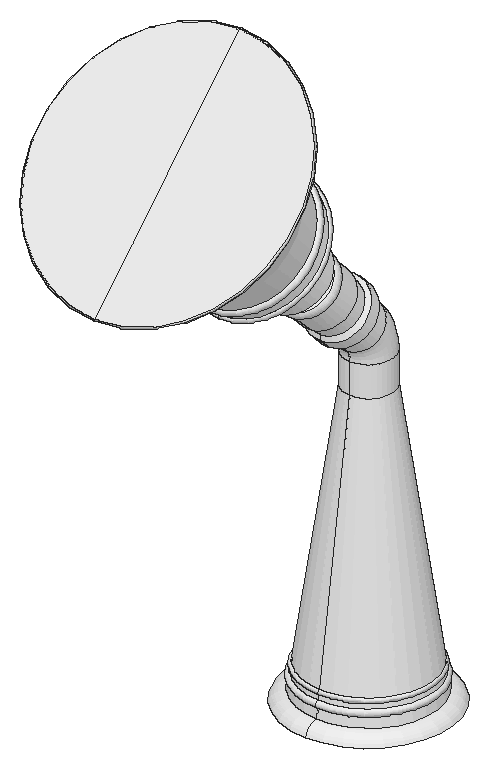
Revit family "Showerhead-DXV-Randall-D35102775_Series", category Plumbing Fixtures, host Face, Revit 2014
Parameters (values of type "D35102775.100")
  Width = 4 1/8"  # constant formula
  Waste Connection = no
  Warranty Documentation Link = "https://www.dxv.com/-/media/files/dxv/warranty/dxv_warranty_booklet.ashx"
  WFU = 4  # constant formula
  Vent Connection = no
  URL = "https://www.dxv.com/"
  Type Comments = ""
  Tempered Water Connection Radius = 1/4"  # constant formula
  Tempered Water Connection Diameter = Tempered Water Connection Radius * 2  # 1/2"
  Product Page URL = "https://www.dxv.com/product/randall-multifunction-showerhead-by-dxv"
  Product Documentation Link = "https://dxv01.blob.core.windows.net/dxv-product-pdf-files/spec_D35102775_DXV_Randall_shwhead_EN.pdf"
  Price = "Prices may vary. Please consult Manufacturer Representative for most up-to-date price list."  # constant formula
  Model = "D35102775.100"
  Material = "Metal-DXV-100-Polished Chrome"
  Manufacturer = "DXV"  # constant formula
  Length = 9 1/4"  # constant formula
  Installation Type = "Wall Mounted"  # constant formula
  Hot Water Connection Radius = 1/4"  # constant formula
  Hot Water Connection Diameter = Hot Water Connection Radius * 2  # 1/2"
  Height = 5 1/4"  # constant formula
  HWFU = 3  # constant formula
  HW Connection = yes
  Flow Rate = "2.0 GPM (7.6L/min)"  # constant formula
  Finish = Metal-DXV-100-Polished Chrome
  Description = "Randall Multifunction Showerhead"  # constant formula
  Default Elevation = 68"  # constant formula
  Creation Date = "17/2/2014"  # constant formula
  Cold Water Connection Radius = 1/4"  # constant formula
  Cold Water Connection Diameter = Cold Water Connection Radius * 2  # 1/2"
  CWFU = 3  # constant formula
  CW Connection = yes
  Assembly Code = "D2010710"
Types (4): name | Model | Material | Finish
  (no name) | "D35102775.100" | "Metal-DXV-100-Polished Chrome" | Metal-DXV-100-Polished Chrome
  D35102775.144 | "D35102775.144" | "Metal-DXV-144-Brushed Nickel" | Metal-DXV-144-Brushed Nickel
  D35102775.100 | "D35102775.100" | "Metal-DXV-100-Polished Chrome" | Metal-DXV-100-Polished Chrome
  D35102775.150 | "D35102775.150" | "Metal-DXV-150-Platinum Nickel" | Metal-DXV-150-Platinum Nickel
Reference planes (in)
  plane 1 "Center (Front/Back)": y = 0
  plane 2: z = 0
  plane 3 "Center (Left/Right)": x = 0
  plane 4: y = -4
  plane 5: z = 9.25
  plane 6: y = -1.25
  plane 7: y = 1.25
  plane 8: through (0, -4, 9.25) normal (0, -0.7071, -0.7071)
  plane 9: through (0, -2.54159, 10.70841) normal (0, -0.7071, -0.7071)
  plane 10: through (0, -5.45841, 7.79159) normal (0, -0.7071, -0.7071)
  plane 11: y = -0.375
  plane 12: y = 0.375
  plane 13: x = 2.0625
  plane 14: x = -2.0625
Forms (in)
  Revolve 1, solid, material "Metal-DXV-100-Polished Chrome" <- "Finish"
    sketch origin (0, -14.01475, -48.9152) x (0, 0.707107, -0.707107) y (0, 0.707107, 0.707107)
      loop
        line (-29.06481, 48.2105) -> (-29.06481, 48.68706) -> (-29.26582, 48.68706) -> (-29.33362, 48.61927) -> (-29.58362, 48.61927) -> (-29.62395, 48.6596) -> (-30.07116, 48.6596)
        arc (-30.07116, 48.6596) -> (-30.15945, 48.69275) -> (-30.24412, 48.65123) r 0.11896
        line (-30.24412, 48.65123) -> (-30.24412, 48.46929)
        arc (-30.24412, 48.46929) -> (-30.31664, 48.4936) -> (-30.35656, 48.42836) r 0.06139
        line (-30.35656, 48.42836) -> (-30.4015, 48.42836) -> (-30.50672, 48.53357) -> (-30.50672, 48.76966) -> (-30.8425, 48.76966)
        arc (-30.8425, 48.76966) -> (-30.91071, 48.80657) -> (-30.97892, 48.76966) r 0.08148
        arc (-30.97892, 48.76966) -> (-31.1299, 48.83538) -> (-31.25073, 48.94724) r 0.49194
        arc (-31.25073, 48.94724) -> (-31.36677, 49.086) -> (-31.49372, 49.21486) r 2.22143
        arc (-31.49372, 49.21486) -> (-31.53297, 49.25988) -> (-31.57615, 49.21863) r 0.0413
        line (-31.57615, 49.21863) -> (-31.77831, 49.21863)
        arc (-31.77831, 49.21863) -> (-31.83922, 49.27954) -> (-31.90013, 49.21863) r 0.06091
        arc (-31.90013, 49.21863) -> (-32.78933, 49.44137) -> (-33.57979, 49.90556) r 3.2213
        line (-33.57979, 49.90556) -> (-33.57979, 49.94307)
        arc (-33.57979, 49.94307) -> (-33.61822, 49.99209) -> (-33.675, 49.96647) r 0.05048
        arc (-33.675, 49.96647) -> (-33.7351, 50.01501) -> (-33.79673, 50.06158) r 2.39301
        arc (-33.79673, 50.06158) -> (-33.89413, 50.18179) -> (-34.02521, 50.264) r 0.47143
        arc (-34.02521, 50.264) -> (-34.04051, 50.26252) -> (-34.04777, 50.24896) r 0.01629
        line (-34.04777, 50.24896) -> (-34.04777, 48.2105) -> (-29.06481, 48.2105)
      axis (-29.06481, 48.2105) -> (-34.04777, 48.2105)
    angle from 0 to 360
  Sweep 2, solid, material "Metal-DXV-100-Polished Chrome" <- "Finish"
    path origin (0, 0, 0) x (0, 1, 0) y (0, 0, 1)
      loop
        line (0, 4.50402) -> (0, 4.98671)
        arc (0, 4.98671) -> (-0.04838, 5.22996) -> (-0.18617, 5.43617) r 0.63563
        line (-0.18617, 5.43617) -> (-0.4767, 5.7267)
    profile origin (0, 0, 4.74537) x (0, -1, 0) y (1, 0, 0)
      loop
        circle (0, 0) r 0.375
  Revolve 3, solid, material "Metal-DXV-100-Polished Chrome" <- "Finish"
    sketch origin (0, 0, 0) x (0, 1, 0) y (0, 0, 1)
      loop
        line (0, 0) -> (1.25, 0)
        arc (1.25, 0) -> (1.16356, 0.11428) -> (1.02943, 0.1647) r 0.25758
        line (1.02943, 0.1647) -> (1.01593, 0.31907)
        arc (1.01593, 0.31907) -> (1.04072, 0.3787) -> (0.98943, 0.41795) r 0.05295
        line (0.98943, 0.41795) -> (0.98267, 0.49523)
        arc (0.98267, 0.49523) -> (0.99757, 0.53583) -> (0.96053, 0.55817) r 0.03398
        arc (0.96053, 0.55817) -> (0.57183, 2.51686) -> (0.375, 4.50402) r 20.55698
        line (0.375, 4.50402) -> (0, 4.50402) -> (0, 0)
      axis (0, 0) -> (0, 4.50402)
    angle from 0 to 360
  Extrusion 4, solid, material "Metal-DXV-100-Polished Chrome" <- "Finish"
    sketch origin (0, 0, 0) x (1, 0, 0) y (0, 1, 0)
      loop
        circle (0, 0) r 0.25
    from 0 to 0.0625
Cuts and joins
  joined: Revolve 1, Sweep 2, Revolve 3
Lines and regions (in)
  Masking region 1
    outline origin (0, 0, 0) x (1, 0, 0) y (0, 0, 1)
      loop
        arc (1.25022, 0) -> (1.16362, 0.11426) -> (1.02946, 0.16483) r 0.25861
        line (1.02946, 0.16483) -> (1.01594, 0.31942)
        arc (1.01594, 0.31942) -> (1.04064, 0.37883) -> (0.98954, 0.41792) r 0.05275
        line (0.98954, 0.41792) -> (0.98267, 0.49523)
        arc (0.98267, 0.49523) -> (0.99752, 0.53598) -> (0.96045, 0.55851) r 0.0342
        arc (0.96045, 0.55851) -> (0.57141, 2.51697) -> (0.375, 4.50402) r 20.4734
        line (0.375, 4.50402) -> (0.375, 5.51875)
        arc (0.375, 5.51875) -> (0.44982, 5.61098) -> (0.47656, 5.7267) r 0.26367
        line (0.47656, 5.7267) -> (0.47656, 5.86884)
        arc (0.47656, 5.86884) -> (0.46346, 5.94887) -> (0.42553, 6.02056) r 0.25104
        arc (0.42553, 6.02056) -> (0.43984, 6.0578) -> (0.44776, 6.0969) r 0.23899
        line (0.44776, 6.0969) -> (0.44776, 6.3498)
        arc (0.44776, 6.3498) -> (0.48021, 6.44493) -> (0.48344, 6.5454) r 0.34013
        arc (0.48344, 6.5454) -> (0.55053, 6.67944) -> (0.54631, 6.82927) r 0.30765
        arc (0.54631, 6.82927) -> (0.76368, 6.95712) -> (0.94032, 7.1371) r 0.96109
        arc (0.94032, 7.1371) -> (1.03189, 7.32518) -> (1.04662, 7.53385) r 0.55007
        arc (1.04662, 7.53385) -> (1.07161, 7.72452) -> (1.02378, 7.91077) r 0.50679
        arc (1.02378, 7.91077) -> (1.35131, 8.12511) -> (1.65638, 8.37038) r 4.0075
        arc (1.65638, 8.37038) -> (1.88954, 8.65121) -> (2.02804, 8.98893) r 1.20647
        arc (2.02804, 8.98893) -> (2.05712, 9.30242) -> (1.99543, 9.61116) r 1.09059
        arc (1.99543, 9.61116) -> (1.73444, 10.04898) -> (1.3263, 10.35431) r 1.31202
        arc (1.3263, 10.35431) -> (0.9293, 10.54813) -> (0.5006, 10.65483) r 2.10516
        arc (0.5006, 10.65483) -> (0, 10.68964) -> (-0.5006, 10.65483) r 3.61766
        arc (-0.5006, 10.65483) -> (-0.9293, 10.54813) -> (-1.3263, 10.35431) r 2.10516
        arc (-1.3263, 10.35431) -> (-1.73444, 10.04898) -> (-1.99543, 9.61116) r 1.31202
        arc (-1.99543, 9.61116) -> (-2.05712, 9.30242) -> (-2.02804, 8.98893) r 1.09059
        arc (-2.02804, 8.98893) -> (-1.88954, 8.65121) -> (-1.65638, 8.37038) r 1.20647
        arc (-1.65638, 8.37038) -> (-1.35131, 8.12511) -> (-1.02378, 7.91077) r 4.0075
        arc (-1.02378, 7.91077) -> (-1.07161, 7.72452) -> (-1.04662, 7.53385) r 0.50679
        arc (-1.04662, 7.53385) -> (-1.03189, 7.32518) -> (-0.94032, 7.1371) r 0.55007
        arc (-0.94032, 7.1371) -> (-0.76368, 6.95712) -> (-0.54631, 6.82927) r 0.96109
        arc (-0.54631, 6.82927) -> (-0.55053, 6.67944) -> (-0.48344, 6.5454) r 0.30765
        arc (-0.48344, 6.5454) -> (-0.48021, 6.44493) -> (-0.44776, 6.3498) r 0.34013
        line (-0.44776, 6.3498) -> (-0.44776, 6.0969)
        arc (-0.44776, 6.0969) -> (-0.43984, 6.0578) -> (-0.42553, 6.02056) r 0.23899
        arc (-0.42553, 6.02056) -> (-0.46346, 5.94887) -> (-0.47656, 5.86884) r 0.25104
        line (-0.47656, 5.86884) -> (-0.47656, 5.7267)
        arc (-0.47656, 5.7267) -> (-0.44982, 5.61098) -> (-0.375, 5.51875) r 0.26367
        line (-0.375, 5.51875) -> (-0.375, 4.50402)
        arc (-0.375, 4.50402) -> (-0.57141, 2.51697) -> (-0.96045, 0.55851) r 20.4734
        arc (-0.96045, 0.55851) -> (-0.99752, 0.53598) -> (-0.98267, 0.49523) r 0.0342
        line (-0.98267, 0.49523) -> (-0.98954, 0.41792)
        arc (-0.98954, 0.41792) -> (-1.04064, 0.37883) -> (-1.01594, 0.31942) r 0.05275
        line (-1.01594, 0.31942) -> (-1.02946, 0.16483)
        arc (-1.02946, 0.16483) -> (-1.16362, 0.11426) -> (-1.25022, 0) r 0.25861
        line (-1.25022, 0) -> (1.25022, 0)
  symbolic lines, detail levels medium+fine
    curve 1: arc (0.53735, 0, 6.8457) -> (0.59268, 0, 6.9807) -> (0.58378, 0, 7.12632) r 0.32694
    curve 2: arc (0.58378, 0, 7.12632) -> (0.498, 0, 7.28304) -> (0.35475, 0, 7.38979) r 0.41917
    curve 3: arc (0.35475, 0, 7.38979) -> (0.01172, 0, 7.47545) -> (-0.33409, 0, 7.40182) r 0.7847
    curve 4: arc (-0.33409, 0, 7.40182) -> (-0.48456, 0, 7.2904) -> (-0.57964, 0, 7.12911) r 0.47034
    curve 5: arc (-0.57964, 0, 7.12911) -> (-0.59351, 0, 6.98446) -> (-0.53992, 0, 6.84939) r 0.30988
  symbolic lines, detail levels fine
    curve 6: line (0.375, 0, 5.51875) -> (0.375, 0, 5.74638)
    curve 7: arc (0.375, 0, 5.74638) -> (0.32376, 0, 5.85588) -> (0.23262, 0, 5.93532) r 0.2926
    curve 8: arc (0.23262, 0, 5.93532) -> (0.00082, 0, 5.9956) -> (-0.23097, 0, 5.93532) r 0.47581
    curve 9: line (-0.375, 0, 5.51875) -> (-0.375, 0, 5.71648)
    curve 10: arc (-0.375, 0, 5.71648) -> (-0.33576, 0, 5.84747) -> (-0.23097, 0, 5.93532) r 0.23828
    curve 11: arc (0.47656, 0, 5.7267) -> (0.414, 0, 5.89188) -> (0.27623, 0, 6.00243) r 0.33563
    curve 12: arc (0.27623, 0, 6.00243) -> (0.00041, 0, 6.05976) -> (-0.27541, 0, 6.00243) r 0.69208
    curve 13: arc (-0.27541, 0, 6.00243) -> (-0.41355, 0, 5.89189) -> (-0.47689, 0, 5.72669) r 0.33786
    curve 14: arc (0.42503, 0, 6.01953) -> (0.30447, 0, 6.12369) -> (0.158, 0, 6.18639) r 0.51917
    curve 15: arc (0.158, 0, 6.18639) -> (0.00107, 0, 6.20614) -> (-0.15587, 0, 6.18639) r 0.63332
    curve 16: arc (-0.15587, 0, 6.18639) -> (-0.30391, 0, 6.12302) -> (-0.42576, 0, 6.01774) r 0.52474
    curve 17: line (0.41017, 0, 6.03628) -> (0.41017, 0, 6.0973)
    curve 18: arc (0.41017, 0, 6.0973) -> (0.376, 0, 6.21645) -> (0.28389, 0, 6.29939) r 0.22485
    curve 19: arc (0.28389, 0, 6.29939) -> (0.19673, 0, 6.34623) -> (0.1015, 0, 6.37308) r 0.45435
    curve 20: arc (0.1015, 0, 6.37308) -> (-0.00135, 0, 6.38162) -> (-0.10419, 0, 6.37308) r 0.62326
    curve 21: arc (-0.10419, 0, 6.37308) -> (-0.20648, 0, 6.34327) -> (-0.29899, 0, 6.29039) r 0.45318
    curve 22: arc (-0.29899, 0, 6.29039) -> (-0.37684, 0, 6.20004) -> (-0.40822, 0, 6.08496) r 0.27024
    curve 23: line (-0.40822, 0, 6.08496) -> (-0.40822, 0, 6.03738)
    curve 24: line (0.44776, 0, 6.3498) -> (0.44776, 0, 6.45131)
    curve 25: arc (0.44776, 0, 6.45131) -> (0.42089, 0, 6.5591) -> (0.34655, 0, 6.64166) r 0.22961
    curve 26: arc (0.34655, 0, 6.64166) -> (0.24817, 0, 6.69846) -> (0.14284, 0, 6.74102) r 0.81425
    curve 27: arc (0.14284, 0, 6.74102) -> (0.00456, 0, 6.75587) -> (-0.13371, 0, 6.74102) r 0.65112
    curve 28: arc (-0.13371, 0, 6.74102) -> (-0.24295, 0, 6.70419) -> (-0.34138, 0, 6.64418) r 0.51956
    curve 29: line (-0.44776, 0, 6.3498) -> (-0.44776, 0, 6.44611)
    curve 30: arc (-0.44776, 0, 6.44611) -> (-0.41564, 0, 6.55646) -> (-0.34138, 0, 6.64418) r 0.27616
    curve 31: arc (0.48344, 0, 6.5454) -> (0.41998, 0, 6.68391) -> (0.30785, 0, 6.78708) r 0.38594
    curve 32: arc (0.30785, 0, 6.78708) -> (0.21276, 0, 6.83369) -> (0.1109, 0, 6.86268) r 0.59389
    curve 33: arc (0.1109, 0, 6.86268) -> (-0.00077, 0, 6.8732) -> (-0.11244, 0, 6.86268) r 0.59761
    curve 34: arc (-0.11244, 0, 6.86268) -> (-0.26002, 0, 6.81219) -> (-0.38762, 0, 6.72247) r 0.55248
    curve 35: arc (-0.38762, 0, 6.72247) -> (-0.44983, 0, 6.64167) -> (-0.48344, 0, 6.5454) r 0.31977
    curve 36: arc (0.54631, 0, 6.82927) -> (0.38045, 0, 7.02457) -> (0.14699, 0, 7.13018) r 0.58458
    curve 37: arc (0.14699, 0, 7.13018) -> (0.00254, 0, 7.14496) -> (-0.14191, 0, 7.13018) r 0.71348
    curve 38: arc (-0.14191, 0, 7.13018) -> (-0.37015, 0, 7.03122) -> (-0.53992, 0, 6.84939) r 0.61024
    curve 39: arc (1.04662, 0, 7.53385) -> (0.89539, 0, 7.85498) -> (0.62039, 0, 8.07941) r 0.80214
    curve 40: arc (0.62039, 0, 8.07941) -> (-0.00461, 0, 8.2262) -> (-0.62961, 0, 8.07941) r 1.40396
    curve 41: arc (-0.62961, 0, 8.07941) -> (-0.90152, 0, 7.8551) -> (-1.04662, 0, 7.53385) r 0.77843
    curve 42: arc (1.02378, 0, 7.91077) -> (0.82104, 0, 8.19186) -> (0.52028, 0, 8.36411) r 0.82008
    curve 43: arc (0.52028, 0, 8.36411) -> (-0.00414, 0, 8.4678) -> (-0.52856, 0, 8.36411) r 1.37804
    curve 44: arc (-0.52856, 0, 8.36411) -> (-0.81635, 0, 8.18133) -> (-1.02378, 0, 7.91077) r 0.97661
    curve 45: arc (0.99888, 0, 7.9627) -> (1.49855, 0, 8.3036) -> (1.80377, 0, 8.82584) r 1.37617
    curve 46: arc (1.80377, 0, 8.82584) -> (1.84597, 0, 9.09829) -> (1.80377, 0, 9.37073) r 0.90061
    curve 47: arc (1.80377, 0, 9.37073) -> (1.43369, 0, 9.8903) -> (0.88958, 0, 10.22323) r 1.5946
    curve 48: arc (0.88958, 0, 10.22323) -> (0.00538, 0, 10.37854) -> (-0.87883, 0, 10.22323) r 2.59466
    curve 49: arc (-0.87883, 0, 10.22323) -> (-1.3474, 0, 9.9639) -> (-1.71238, 0, 9.57199) r 1.70461
    curve 50: arc (-1.71238, 0, 9.57199) -> (-1.86488, 0, 9.07199) -> (-1.71238, 0, 8.57199) r 0.8959
    curve 51: arc (-1.71238, 0, 8.57199) -> (-1.39483, 0, 8.21885) -> (-0.99192, 0, 7.96746) r 1.6982
    curve 52: line (1.02943, 0, 0.1647) -> (-1.02943, 0, 0.1647)
    curve 53: line (1.01593, 0, 0.31907) -> (-1.01593, 0, 0.31907)
    curve 54: line (0.98954, 0, 0.41792) -> (-0.98984, 0, 0.41792)
    curve 55: line (0.98267, 0, 0.49523) -> (-0.98267, 0, 0.49523)
    curve 56: line (0.96045, 0, 0.55851) -> (-0.96045, 0, 0.55851)
Dimensions and locks (in)
  plane 7 to plane 6 = 2 1/2"
  plane 1 "Center (Front/Back)" to plane 4 = 4"
  "Length": plane 5 to host face
  "Width": plane 9 to plane 10
  "Height": plane 7 to plane 4
  locked: plane 14 to plane 13 at 4.125
  aligned and locked: plane 2 to host face
  aligned and locked: level to host face
Automatic sketch dimensions
  curve 50 to plane 5 = 0.17801"
  curve 50 to plane 3 "Center (Left/Right)" = 0.96898"
  curve 29 to plane 3 "Center (Left/Right)" = 0.44776"
  curve 29 to curve 23 = 0.03955"
  curve 23 to curve 9 = 0.03322"
  curve 51 to plane 3 "Center (Left/Right)" = 0.30325"
  curve 49 to plane 3 "Center (Left/Right)" = 0.29793"
  curve 5 to plane 3 "Center (Left/Right)" = 0.28671"
  curve 41 to plane 3 "Center (Left/Right)" = 0.28308"
  curve 30 to plane 3 "Center (Left/Right)" = 0.17235"
  curve 30 to curve 35 = 0.00376"
  curve 41 to curve 44 = 0.12617"
  curve 13 to plane 3 "Center (Left/Right)" = 0.14076"
  curve 22 to plane 3 "Center (Left/Right)" = 0.13823"
  curve 13 to curve 10 = 0.00404"
  curve 4 to plane 3 "Center (Left/Right)" = 0.13503"
  curve 26 to plane 3 "Center (Left/Right)" = 0.10878"
  curve 21 to plane 3 "Center (Left/Right)" = 0.02941"
  curve 16 to plane 3 "Center (Left/Right)" = 0.02584"
  curve 28 to plane 3 "Center (Left/Right)" = 0.02337"
  curve 38 to plane 3 "Center (Left/Right)" = 0.01836"
  curve 34 to plane 3 "Center (Left/Right)" = 0.0092"
  curve 40 to plane 3 "Center (Left/Right)" = 0.00461"
  curve 43 to plane 3 "Center (Left/Right)" = 0.00414"
  curve 3 to plane 3 "Center (Left/Right)" = 0.00198"
  curve 20 to plane 3 "Center (Left/Right)" = 0.00135"
  curve 33 to plane 3 "Center (Left/Right)" = 0.00077"
  curve 32 to plane 3 "Center (Left/Right)" = 0.00007"
  plane 3 "Center (Left/Right)" to curve 12 = 0.00041"
  plane 3 "Center (Left/Right)" to curve 8 = 0.00082"
  plane 3 "Center (Left/Right)" to curve 15 = 0.00107"
  plane 3 "Center (Left/Right)" to curve 37 = 0.00254"
  plane 3 "Center (Left/Right)" to curve 27 = 0.00456"
  plane 3 "Center (Left/Right)" to curve 48 = 0.00538"
  plane 3 "Center (Left/Right)" to curve 19 = 0.02653"
  plane 3 "Center (Left/Right)" to curve 36 = 0.02864"
  plane 3 "Center (Left/Right)" to curve 14 = 0.02935"
  curve 14 to curve 7 = 0.06072"
  plane 3 "Center (Left/Right)" to curve 31 = 0.10775"
  curve 7 to curve 11 = 0.0524"
  plane 3 "Center (Left/Right)" to curve 2 = 0.18165"
  curve 27 to curve 18 = 0.18076"
  curve 31 to curve 25 = 0.11041"
  plane 3 "Center (Left/Right)" to curve 39 = 0.2633"
  curve 2 to curve 1 = 0.08848"
  curve 39 to curve 42 = 0.009"
  plane 3 "Center (Left/Right)" to curve 47 = 0.34617"
  curve 11 to curve 6 = 0.23253"
  curve 18 to curve 17 = 0.22485"
  curve 25 to curve 24 = 0.22961"
  curve 45 to plane 5 = 0.00785"
  plane 3 "Center (Left/Right)" to curve 45 = 0.49208"
  curve 46 to plane 5 = 0.15171"
  curve 45 to curve 46 = 0.45328"
  curve 47 to plane 5 = 0.52592"
  curve 49 to plane 5 = 0.62935"
  curve 48 to curve 49 = 0.83677"
  curve 42 to curve 48 = 0.20145"
  curve 44 to curve 48 = 0.32289"
  curve 41 to curve 44 = 0.07862"
  curve 39 to curve 42 = 0.22129"
  curve 43 to curve 39 = 0.27137"
  curve 1 to curve 43 = 0.0557"
  curve 5 to curve 43 = 0.06174"
  curve 2 to curve 1 = 0.02603"
  curve 4 to curve 5 = 0.05235"
  curve 40 to curve 4 = 0.15344"
  curve 3 to curve 40 = 0.13137"
  curve 36 to curve 3 = 0.13316"
  curve 38 to curve 36 = 0.02513"
  curve 35 to curve 38 = 0.0431"
  curve 31 to curve 36 = 0.10064"
  curve 24 to curve 31 = 0.00576"
  curve 29 to curve 35 = 0.04337"
  curve 37 to curve 38 = 0.1011"
  curve 30 to curve 35 = 0.06369"
  curve 34 to curve 37 = 0.11155"
  curve 32 to curve 34 = 0.04068"
  curve 33 to curve 32 = 0.00366"
  curve 28 to curve 33 = 0.04228"
  curve 27 to curve 28 = 0.12856"
  curve 18 to curve 27 = 0.00745"
  curve 23 to curve 29 = 0.36115"
  curve 22 to curve 27 = 0.03158"
  curve 26 to curve 22 = 0.10655"
  curve 21 to curve 26 = 0.0405"
  curve 19 to curve 21 = 0.00115"
  curve 20 to curve 19 = 0.1666"
  curve 6 to curve 17 = 0.35092"
  curve 10 to curve 20 = 0.04188"
  curve 11 to curve 20 = 0.06376"
  curve 13 to curve 10 = 0.02392"
  curve 14 to curve 20 = 0.07495"
  curve 7 to curve 11 = 0.01481"
  curve 16 to curve 14 = 0.0054"
  curve 15 to curve 16 = 0.10519"
  curve 8 to curve 15 = 0.05303"
  curve 12 to curve 8 = 0.15211"
  plane 5 to curve 51 = 0.26975"
  curve 55 to plane 3 "Center (Left/Right)" = 0.98267"
  curve 54 to curve 55 = 0.00716"
  curve 51 to curve 41 = 0.70885"
  curve 53 to curve 54 = 0.02609"
  curve 44 to curve 51 = 0.03185"
  curve 52 to curve 53 = 0.01351"
  curve 41 to curve 44 = 0.02285"
  curve 51 to plane 14 = 0.35012"
  curve 50 to curve 51 = 0"
  curve 49 to curve 50 = 0"
  curve 55 to curve 56 = 0.02222"
  curve 48 to curve 49 = 0"
  curve 41 to curve 44 = 0.10105"
  curve 40 to curve 41 = 0"
  curve 5 to curve 5 = 0.29292"
  curve 4 to curve 5 = 0"
  curve 4 to curve 5 = 0.03972"
  curve 43 to curve 44 = 0"
  curve 35 to curve 30 = 0.03568"
  curve 13 to curve 9 = 0.10189"
  curve 16 to curve 23 = 0.01754"
  curve 35 to curve 30 = 0.04624"
  curve 34 to curve 35 = 0"
  curve 28 to curve 30 = 0"
  curve 3 to curve 4 = 0"
  curve 21 to curve 22 = 0"
  curve 23 to curve 12 = 17/128"
  curve 13 to curve 12 = 0"
  curve 12 to curve 10 = 0.04444"
  curve 15 to curve 22 = 0.01764"
  curve 16 to curve 15 = 0"
  curve 37 to curve 38 = 0"
  curve 27 to curve 28 = 0"
  curve 33 to curve 34 = 0"
  curve 20 to curve 21 = 0"
  curve 19 to curve 20 = 0"
  curve 32 to curve 33 = 0"
  curve 33 to curve 27 = 0.03194"
  curve 36 to curve 37 = 0"
  curve 14 to curve 15 = 0"
  curve 11 to curve 12 = 0"
  curve 31 to curve 32 = 0"
  curve 39 to curve 2 = 0.09145"
  curve 17 to curve 14 = 0.01486"
  curve 7 to curve 11 = 13/128"
  curve 24 to curve 31 = 0.03568"
  curve 43 to curve 40 = 0.1001"
  curve 32 to curve 1 = 0.2295"
  curve 1 to curve 36 = 0.00896"
  curve 39 to curve 40 = 0"
  curve 47 to curve 48 = 0"
  plane 3 "Center (Left/Right)" to curve 56 = 0.96045"
  curve 56 to curve 55 = 0.02222"
  curve 55 to curve 54 = 0.00687"
  curve 40 to curve 45 = 0.37849"
  curve 54 to curve 53 = 0.02638"
  curve 45 to curve 42 = 0.0249"
  curve 53 to curve 52 = 0.01351"
  curve 42 to curve 39 = 0.02285"
  curve 46 to curve 45 = 0"
  curve 24 to curve 25 = 0.10151"
  curve 29 to curve 29 = 0.09631"
  curve 9 to curve 9 = 0.19773"
  curve 6 to curve 7 = 0.22763"
  level to curve 56 = 0.55851"
  curve 55 to curve 56 = 0.06328"
  curve 54 to curve 55 = 0.0773"
  curve 53 to curve 54 = 0.09885"
  curve 52 to curve 53 = 0.15437"
  host sketch curve to host sketch curve = 96"  (x2)
  Revolve 1 sketch curve to plane 8 = 0"
  plane 8 to Revolve 1 sketch curve = 0"
  plane 8 to Revolve 1 sketch curve = 0.08121"
  plane 5 to Revolve 1 sketch curve = 0.76343"
  plane 9 to Revolve 1 sketch curve = 0.44408"
  Revolve 1 sketch curve to Revolve 1 sketch curve = 1.00163"
  Revolve 1 sketch curve to Revolve 1 sketch curve = 1.16061"
  Revolve 1 sketch curve to Revolve 1 sketch curve = 0.01629"
  Revolve 1 sketch curve to Revolve 1 sketch curve = 0.40121"
  Revolve 1 sketch curve to Revolve 1 sketch curve = 0.05048"
  plane 8 to Revolve 1 sketch curve = 0.61783"
  Revolve 1 sketch curve to Revolve 1 sketch curve = 1.03639"
  Revolve 1 sketch curve to Revolve 1 sketch curve = 1.74057"
  Revolve 1 sketch curve to Revolve 1 sketch curve = 0.06091"
  Revolve 1 sketch curve to Revolve 1 sketch curve = 0.20215"
  Revolve 1 sketch curve to plane 9 = 2.14996"
  Revolve 1 sketch curve to Revolve 1 sketch curve = 2.00985"
  Revolve 1 sketch curve to Revolve 1 sketch curve = 0.0413"
  Revolve 1 sketch curve to Revolve 1 sketch curve = 0.62414"
  Revolve 1 sketch curve to Revolve 1 sketch curve = 0.04988"
  Revolve 1 sketch curve to Revolve 1 sketch curve = 0.06821"
  Revolve 1 sketch curve to Revolve 1 sketch curve = 0.33578"
  Revolve 1 sketch curve to plane 8 = 0.21786"
  Revolve 1 sketch curve to Revolve 1 sketch curve = 0.10521"  (x2)
  Revolve 1 sketch curve to Revolve 1 sketch curve = 0.04494"
  Revolve 1 sketch curve to Revolve 1 sketch curve = 0.06092"
  Revolve 1 sketch curve to Revolve 1 sketch curve = 0.05152"
  Revolve 1 sketch curve to Revolve 1 sketch curve = 0.09042"
  Revolve 1 sketch curve to Revolve 1 sketch curve = 0.08254"
  Revolve 1 sketch curve to plane 8 = 0.44909"
  Revolve 1 sketch curve to Revolve 1 sketch curve = 0.44721"
  Revolve 1 sketch curve to Revolve 1 sketch curve = 0.04033"  (x2)
  Revolve 1 sketch curve to Revolve 1 sketch curve = 1/4"  (x2)
  Revolve 1 sketch curve to Revolve 1 sketch curve = 0.0678"  (x2)
  Revolve 1 sketch curve to Revolve 1 sketch curve = 0.26881"
  Revolve 1 sketch curve to Revolve 1 sketch curve = 0.00755"
  Revolve 1 sketch curve to Revolve 1 sketch curve = 0.08567"
  Revolve 1 sketch curve to Revolve 1 sketch curve = 0.19152"
  Revolve 1 sketch curve to Revolve 1 sketch curve = 0.23609"
  Revolve 1 sketch curve to plane 8 = 1.00812"
  Revolve 1 sketch curve to Revolve 1 sketch curve = 0.47755"
  Revolve 1 sketch curve to Revolve 1 sketch curve = 0.03751"
  plane 9 to Revolve 1 sketch curve = 0.02404"
  Revolve 1 sketch curve to Revolve 1 sketch curve = 0"  (x2)
  Revolve 1 sketch curve to Revolve 1 sketch curve = 0.16646"
  Revolve 1 sketch curve to Revolve 1 sketch curve = 0.04113"
  Revolve 1 sketch curve to Revolve 1 sketch curve = 1"
  plane 8 to Sweep 2 sketch curve = 0"  (x2)
  Sweep 2 sketch curve to plane 1 "Center (Front/Back)" = 0"
  plane 1 "Center (Front/Back)" to Sweep 2 sketch curve = 0.18617"
  plane 11 to Sweep 2 sketch curve = 0.26063"
  plane 11 to Sweep 2 sketch curve = 0.1017"
  Sweep 2 sketch curve to Sweep 2 sketch curve = 0.48269"
  Sweep 2 sketch curve to plane 3 "Center (Left/Right)" = 0"
  Sweep 2 sketch curve to profile plane = 0"
  Revolve 3 sketch curve to plane 1 "Center (Front/Back)" = 0"  (x2)
  Revolve 3 sketch curve to level = 0"
  Revolve 3 sketch curve to plane 12 = 0"
  Revolve 3 sketch curve to plane 7 = 0"
  Revolve 3 sketch curve to plane 7 = 0.28449"
  Revolve 3 sketch curve to Revolve 3 sketch curve = 0.01716"
  Revolve 3 sketch curve to Revolve 3 sketch curve = 0.00676"
  Revolve 3 sketch curve to Revolve 3 sketch curve = 0.00014"
  Revolve 3 sketch curve to level = 0.09211"
  Revolve 3 sketch curve to plane 7 = 0.24055"
  Revolve 3 sketch curve to Revolve 3 sketch curve = 0.02635"
  level to Revolve 3 sketch curve = 0.1647"
  Revolve 3 sketch curve to plane 5 = 3.71572"
  plane 7 to Revolve 3 sketch curve = 19.65615"
  Revolve 3 sketch curve to Revolve 3 sketch curve = 0.15437"
  Revolve 3 sketch curve to Revolve 3 sketch curve = 0.04593"
  Revolve 3 sketch curve to Revolve 3 sketch curve = 0.07728"
  Revolve 3 sketch curve to Revolve 3 sketch curve = 0.02933"
  Revolve 3 sketch curve to Revolve 3 sketch curve = 3.97946"
  Revolve 3 sketch curve to level = 1.08367"
  Revolve 3 sketch curve to Revolve 3 sketch curve = 1"
  plane 1 "Center (Front/Back)" to Extrusion 4 sketch curve = 0"
  Extrusion 4 sketch curve to plane 3 "Center (Left/Right)" = 0"
  Masking region 1 sketch curve to level = 0"
  Masking region 1 sketch curve to plane 3 "Center (Left/Right)" = 0"
  Masking region 1 sketch curve to plane 3 "Center (Left/Right)" = 0.1456"
  Masking region 1 sketch curve to plane 3 "Center (Left/Right)" = 0.17197"
  Masking region 1 sketch curve to plane 3 "Center (Left/Right)" = 0.20929"
  Masking region 1 sketch curve to plane 3 "Center (Left/Right)" = 0.21039"
  Masking region 1 sketch curve to plane 3 "Center (Left/Right)" = 0.21289"
  Masking region 1 sketch curve to Masking region 1 sketch curve = 0.01263"  (x2)
  Masking region 1 sketch curve to plane 3 "Center (Left/Right)" = 0.25016"
  Masking region 1 sketch curve to Masking region 1 sketch curve = 0.16211"  (x2)
  Masking region 1 sketch curve to Masking region 1 sketch curve = 0.23737"  (x2)
  Masking region 1 sketch curve to Masking region 1 sketch curve = 13/128"
  Masking region 1 sketch curve to Masking region 1 sketch curve = 0.32859"  (x2)
  Masking region 1 sketch curve to Masking region 1 sketch curve = 0.06519"  (x2)
  Masking region 1 sketch curve to plane 5 = 0.07893"  (x2)
  Masking region 1 sketch curve to plane 3 "Center (Left/Right)" = 0.75942"
  plane 5 to Masking region 1 sketch curve = 0.02259"  (x2)
  Masking region 1 sketch curve to Masking region 1 sketch curve = 0.09597"  (x2)
  level to Masking region 1 sketch curve = 0.52465"  (x2)
  Masking region 1 sketch curve to plane 3 "Center (Left/Right)" = 0.96525"
  Masking region 1 sketch curve to plane 5 = 0.00466"  (x2)
  Masking region 1 sketch curve to Masking region 1 sketch curve = 0.11263"  (x2)
  Masking region 1 sketch curve to Masking region 1 sketch curve = 0.01742"  (x2)
  level to Masking region 1 sketch curve = 0.41792"  (x2)
  Masking region 1 sketch curve to Masking region 1 sketch curve = 0.00687"  (x2)
  Masking region 1 sketch curve to Masking region 1 sketch curve = 0.00015"  (x2)
  Masking region 1 sketch curve to plane 3 "Center (Left/Right)" = 1.00424"
  Masking region 1 sketch curve to level = 0.09296"  (x2)
  Masking region 1 sketch curve to Masking region 1 sketch curve = 0.0192"  (x2)
  level to Masking region 1 sketch curve = 0.31942"  (x2)
  Masking region 1 sketch curve to Masking region 1 sketch curve = 0.02625"  (x2)
  level to Masking region 1 sketch curve = 0.16483"  (x2)
  Masking region 1 sketch curve to Masking region 1 sketch curve = 0.01352"  (x2)
  Masking region 1 sketch curve to plane 5 = 3.72799"  (x2)
  plane 14 to Masking region 1 sketch curve = 18.76057"
  plane 3 "Center (Left/Right)" to Masking region 1 sketch curve = 0.1456"
  plane 3 "Center (Left/Right)" to Masking region 1 sketch curve = 0.17197"
  plane 3 "Center (Left/Right)" to Masking region 1 sketch curve = 0.20929"
  plane 3 "Center (Left/Right)" to Masking region 1 sketch curve = 0.21039"
  plane 3 "Center (Left/Right)" to Masking region 1 sketch curve = 0.21289"
  plane 3 "Center (Left/Right)" to Masking region 1 sketch curve = 0.25016"
  Masking region 1 sketch curve to Masking region 1 sketch curve = 0.0288"
  plane 3 "Center (Left/Right)" to Masking region 1 sketch curve = 0.75942"
  plane 3 "Center (Left/Right)" to Masking region 1 sketch curve = 0.96525"
  plane 3 "Center (Left/Right)" to Masking region 1 sketch curve = 1.00424"
  Masking region 1 sketch curve to plane 13 = 18.76057"
  Masking region 1 sketch curve to Masking region 1 sketch curve = 0.02943"  (x2)
  Masking region 1 sketch curve to Masking region 1 sketch curve = 3.97937"
  Masking region 1 sketch curve to Masking region 1 sketch curve = 0"  (x13)
  Masking region 1 sketch curve to Masking region 1 sketch curve = 1.01473"
  Masking region 1 sketch curve to Masking region 1 sketch curve = 0.20795"
  Masking region 1 sketch curve to Masking region 1 sketch curve = 0.14214"  (x2)
  Masking region 1 sketch curve to Masking region 1 sketch curve = 0.22806"  (x2)
  Masking region 1 sketch curve to Masking region 1 sketch curve = 0.02773"  (x2)
  Masking region 1 sketch curve to Masking region 1 sketch curve = 0.2529"  (x2)
  Masking region 1 sketch curve to Masking region 1 sketch curve = 0.15617"
  Masking region 1 sketch curve to Masking region 1 sketch curve = 0.24"  (x2)
  Masking region 1 sketch curve to Masking region 1 sketch curve = 0.32601"
  Masking region 1 sketch curve to Masking region 1 sketch curve = 0.39558"  (x2)
  Masking region 1 sketch curve to Masking region 1 sketch curve = 0.2263"  (x2)
  Masking region 1 sketch curve to Masking region 1 sketch curve = 0.02062"
  Masking region 1 sketch curve to plane 5 = 0.68008"
  Masking region 1 sketch curve to Masking region 1 sketch curve = 2.09465"
  Masking region 1 sketch curve to Masking region 1 sketch curve = 0.03568"  (x2)
  Masking region 1 sketch curve to plane 3 "Center (Left/Right)" = 0.5006"
  Masking region 1 sketch curve to Masking region 1 sketch curve = 0.06287"  (x2)
  Masking region 1 sketch curve to Masking region 1 sketch curve = 0.45803"  (x2)
  Masking region 1 sketch curve to Masking region 1 sketch curve = 0.02285"  (x2)
  Masking region 1 sketch curve to plane 14 = 0.7362"
  plane 13 to Masking region 1 sketch curve = 0.7362"
  radius of Sweep 2 sketch curve = 3/8"
  radius of Extrusion 4 sketch curve = 1/4"
Connectors (in)
  piping at (0, 0, 0), diameter 0.5, driven by "Tempered Water Connection Diameter"
    settings: on Extrusion 4, index 1, connector inside diameter 1/2", connector length 0", flow factor 0, pipe flow 2 GPM, pressure drop 0.00 psi, fitting loss kfactor 0, connector angle 0.00°, fixture units 0, engagement length 0", angle of deflection 0.00°, flow configuration 0, flow direction 1, fitting loss method 0, system type 29, joint type 0, gender type 0, connector reference index -1, connector utility 0, adjustable connector no, is connector primary yes, connector description "1/2\" NPT Supply Inlet"
